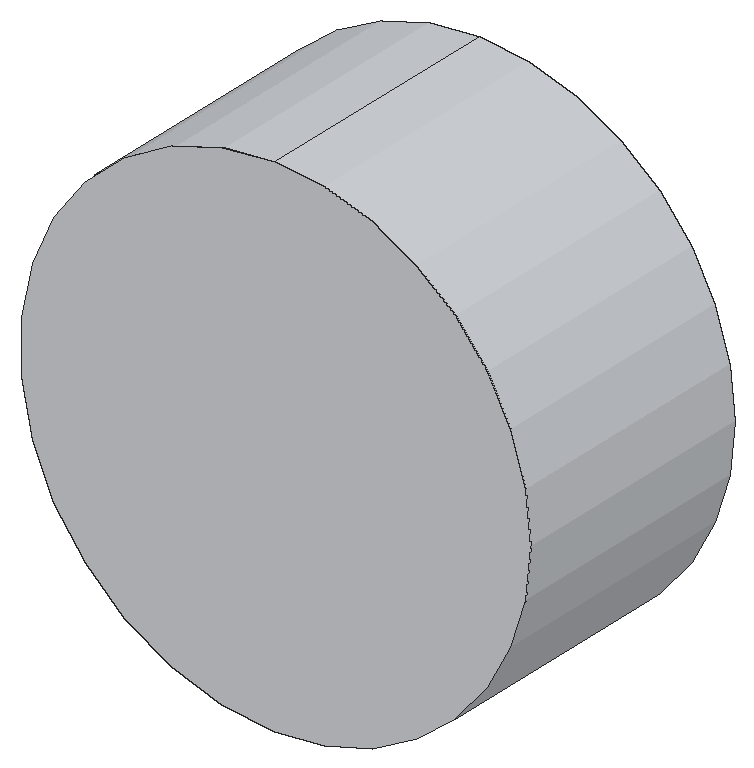
Revit family "MULBV611015", category Generic Models, Revit 2018
Family settings
  Can host rebar = No
  Round Connector Dimension = Use Diameter
  Part Type = Normal
  OmniClass Number = 23.60.30.14
  OmniClass Title = Ducting and Wireways for General Use
  Work Plane-Based = No
  Always vertical = Yes
  Cut with Voids When Loaded = No
  Shared = No
  Room Calculation Point = No
Parameters (values of type "Standard")
  URL = "https://trekput.nl/productPage.php?id=MULBV611015"
  Model = "MULBV611015"
  Manufacturer = "PowerCast"
  Description = "Multiduct Bocht 6*110 Verticaal 15°"
Reference planes
  plane 1 "Center (Front/Back)": y = 0
  plane 2: z = 0
  plane 3 "Center (Left/Right)": x = 0
Forms (mm)
  Extrusion 1, solid
    sketch origin (0, 6.35, 0) x (0, 0, -1) y (1, 0, 0)
      loop
        circle (0, 0) r 3.048
    from 0 to -3.048
Dimensions and locks
  aligned and locked: level to plane 2
Connectors
  hvac at (0, 6.35, 0)
    settings: on Extrusion 1, index 1, duct flow 0.0 L/s, flow factor 0, pres drop 0.0 Pa, loss coef 0, conn angle 0.00°, conn width 304.8 mm, conn height 304.8 mm, conn diameter 609.6 mm, duct sys type 4, conn prof type 1, flow config 1, flow direction 1, loss method 0, conn ref index -1, conn util no, is conn primary yes, conn desc "Multiduct Bocht 6*110 Verticaal 15°"
